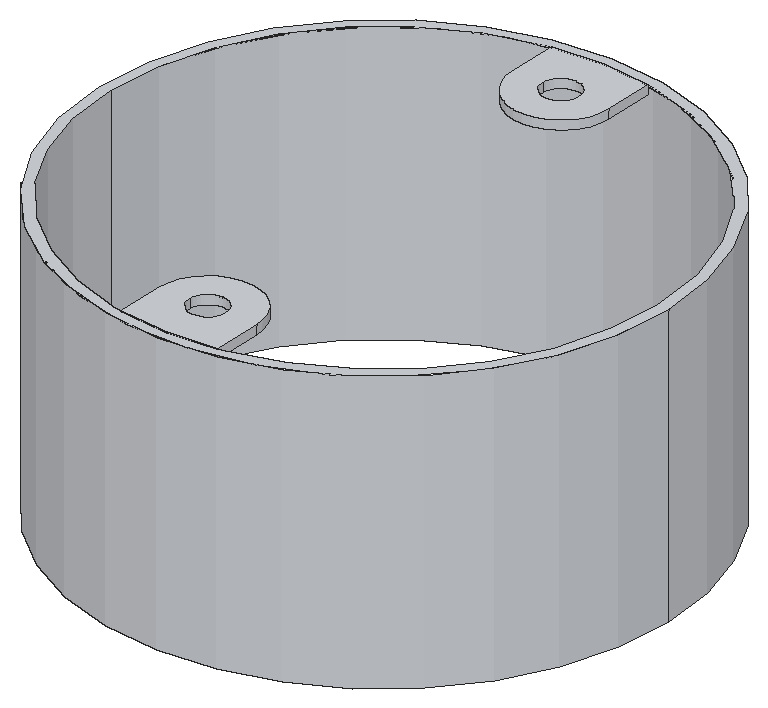
Revit family "SR32B", category Generic Models, Revit 2017
Family settings
  Can host rebar = No
  Round Connector Dimension = Use Diameter
  Part Type = Normal
  Work Plane-Based = Yes
  Always vertical = No
  Cut with Voids When Loaded = No
  Shared = No
  Room Calculation Point = No
Parameters (values of type "NBS Standard Parameters")
  Weight = "0.0675Kg"
  WarrantyStartDate [instance] = "1900-12-31T23:59:59"
  WarrantyGuarantorParts = "n/a"
  WarrantyGuarantorLabor = "n/a"
  WarrantyDurationUnit = "1 year"
  WarrantyDurationParts = "n/a"
  WarrantyDurationLabor = "n/a"
  WarrantyDescription = "n/a"
  Version = "1"
  Uniclass2 = "PR_65_70_11_20"
  TagNumber [instance] = "n/a"
  SustainabilityPerformance = "32mm"
  Size = "Circular"
  Shape = "n/a"
  SerialNumber [instance] = "n/a"
  Revision = "n/a"
  ReplacementCost = "n/a"
  ProductInformation = "www.metpro.co.uk/pdf/sr32g.pdf"
  NominalWidth = 65 mm
  NominalLength = 65 mm
  NominalHeight = 32 mm
  Name = ""
  NBSTypeID = ""
  NBSReference = "90-55-10/460"
  NBSOfficeMasterTag = ""
  NBSNote = ""
  NBSDescription = "Conduit Fittings"
  NBSCertification = ""
  ModelReference = "SR32B"
  ModelNumber = "n/a"
  Material = "Steel"
  ManufacturerURL = "www.metpro.co.uk"
  ManufacturerName = "Metpro Ltd"
  InstallationDate [instance] = "1900-12-31T23:59:59"
  IfcExportType = ""
  IfcExportAs = ""
  Grade = "n/a"
  Finish = "Black"
  Features = "n/a"
  ExpectedLife = "n/a"
  DurationUnit = "year"
  Description = "SR32B - 32mm Extension Ring"
  Default Elevation = 1219.2 mm
  Constituents = "n/a"
  Color = "n/a"
  CodePerformance = "n/a"
  Category = "n/a"
  BarCode [instance] = "n/a"
  BIMObjectName = "Metpro_metprolibrary_conduitfittings_metalcomponents_steelaccessories"
  Author = "Metpro Ltd"
  AssetType = ""
  AssetIdentifier [instance] = "n/a"
  AccessibilityPerformance = "n/a"
Reference planes
  plane 1 "Center (Front/Back)": y = 0
  plane 2: z = 0
  plane 3 "Center (Left/Right)": x = 0
Forms (mm)
  Extrusion 1, solid
    sketch origin (0, 0, 0) x (1, 0, 0) y (0, 1, 0)
      loop
        circle (0, 0) r 32.5
      loop
        circle (0, 0) r 31.25
    from 0 to 32
  Extrusion 2, solid
    sketch origin (0, 0, 32) x (1, 0, 0) y (0, 1, 0)
      loop
        arc (5.546, -25.174) -> (0.046, -19.674) -> (-5.454, -25.174) r 5.5
        line (-5.454, -25.174) -> (-5.454, -30.77)
        arc (-5.454, -30.77) -> (0.047, -31.25) -> (5.546, -30.754) r 31.25
        line (5.546, -30.754) -> (5.546, -25.174)
      loop
        circle (0, -25.2) r 2.1
      loop
        line (5.546, 25.174) -> (5.546, 30.754)
        arc (5.546, 30.754) -> (0.047, 31.25) -> (-5.454, 30.77) r 31.25
        line (-5.454, 30.77) -> (-5.454, 25.174)
        arc (-5.454, 25.174) -> (0.046, 19.674) -> (5.546, 25.174) r 5.5
      loop
        circle (0, 25.2) r 2.1
    from 0 to -1
  Extrusion 3, solid
    sketch origin (0, 0, 0) x (0, 1, 0) y (1, 0, 0)
      loop
        line (5.546, 25.174) -> (5.546, 30.754)
        arc (5.546, 30.754) -> (0.047, 31.25) -> (-5.454, 30.77) r 31.25
        line (-5.454, 30.77) -> (-5.454, 25.174)
        arc (-5.454, 25.174) -> (0.046, 19.674) -> (5.546, 25.174) r 5.5
      loop
        circle (0, 25.2) r 2.1
      loop
        arc (5.546, -25.174) -> (0.046, -19.674) -> (-5.454, -25.174) r 5.5
        line (-5.454, -25.174) -> (-5.454, -30.77)
        arc (-5.454, -30.77) -> (0.047, -31.25) -> (5.546, -30.754) r 31.25
        line (5.546, -30.754) -> (5.546, -25.174)
      loop
        circle (0, -25.2) r 2.1
    from 0 to -1
Dimensions and locks
  aligned and locked: level to plane 2
